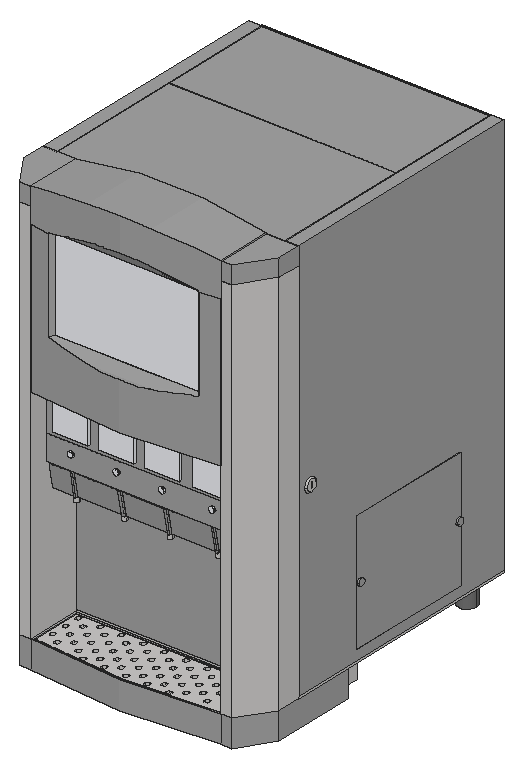
Revit family "QF_ELECTROLUXPROFESSIONAL_560029_FJUICE", category Specialty Equipment, Revit 2018
Family settings
  Round Connector Dimension = Use Diameter
  Part Type = Normal
  Work Plane-Based = No
  Always vertical = Yes
  Cut with Voids When Loaded = No
  Shared = No
  Room Calculation Point = No
Parameters (values of type "QF_ELECTROLUX_560029_FJUICE.rfa")
  Weight = 50.00 kg
  Watts = 0 W
  Volts = 230 V
  URL Manufacturer = "http://professional.electrolux.com"
  URL = "http://professional.electrolux.com"
  Steam Supply Size = 0 mm
  Steam Supply Minimum Pressure = 0.0 Pa
  Steam Supply Maximum Pressure = 0.0 Pa
  Steam Pounds per Hour = 0
  Refrigeration Suction Line Size = 0 mm
  Refrigeration Liquid Line Size = 0 mm
  Refrigerant Compressor Remote = yes
  Manufacturer = "Electrolux"
  Phase = 1
  Model = "FJUICE"
  Length Actual = 475 mm  # constant formula
  Item Number = "560029"
  Hot Water Size = 0 mm
  Height Actual = 820 mm  # constant formula
  HP = "0.4 HP"
  Gas Size = 0 mm
  Gas KW = 0
  Gas Input Pressure = 0 W
  Direct Waste Size = 0 mm
  Description = "LIQUID CONCENTRATE DISPENSER"
  Depth Actual = 600 mm  # constant formula
  Cycle = 50 Hz
  Condensate Return Size = 0 mm
  Compressed Air Volume = 0.0 L/s
  Compressed Air Size = 0 mm
  Compressed Air Pressure = 0.0 Pa
  Cold Water Size = 0 mm
  Accessory = yes
Reference planes
  plane 1 "Center (Front/Back)": y = 0
  plane 2: z = 0
  plane 3 "Center (Left/Right)": x = 0
  plane 4 "BASE": z = 51
  plane 5 "TOP": z = 826
  plane 6 "FRONT": y = -299
  plane 7 "BACK": y = 299
  plane 8 "LEFT": x = -237.5
  plane 9 "RIGHT": x = 237.5
  plane 10: z = 806
Forms (mm)
  Extrusion 1, solid, material "QF_Finishes_Stainless Steel"
    sketch origin (0, 0, 51) x (-1, 0, 0) y (0, -1, 0)
      loop
        line (237.5, -299) -> (237.5, 179) -> (-237.5, 179) -> (-237.5, -299) -> (237.5, -299)
    from 0 to 3
  Extrusion 2, solid, material "QF_Finishes_Rubber Black"
    sketch origin (20.5, 0, 51) x (-1, 0, 0) y (0, -1, 0)
      loop
        circle (216.5, -266) r 17
    from 0 to -51
  Extrusion 3, solid, material "QF_Finishes_Rubber Black"
    sketch origin (-20.5, 0, 51) x (1, 0, 0) y (0, 1, 0)
      loop
        circle (216.5, 266) r 17
    from 0 to -51
  Extrusion 4, solid, material "QF_Finishes_Stainless Steel"
    sketch origin (0, 0, 51) x (-1, 0, 0) y (0, -1, 0)
      loop
        line (-215, 15) -> (215, 15) -> (215, 40)
        arc (215, 40) -> (207.678, 57.678) -> (190, 65) r 25
        line (190, 65) -> (-190, 65)
        arc (-190, 65) -> (-207.678, 57.678) -> (-215, 40) r 25
        line (-215, 40) -> (-215, 15)
    from -48 to 0
  Extrusion 5, solid, material "QF_Finishes_Rubber Black"
    sketch origin (0, 0, 51) x (-1, 0, 0) y (0, -1, 0)
      loop
        circle (190, 40) r 15
      loop
        circle (-190, 40) r 15
    from -51 to -48
  Extrusion 6, solid, material "QF_Finishes_Gray"
    sketch origin (0, -299, 0) x (-1, 0, 0) y (0, 0, 1)
      loop
        arc (177.5, 806.558) -> (0, 826) -> (-177.5, 806.558) r 820
        line (-177.5, 806.558) -> (-177.5, 463.74) -> (177.5, 463.74) -> (177.5, 806.558)
    from 120 to 0
  Extrusion 7, solid, material "QF_Finishes_Stainless Steel"
    sketch origin (0, 0, 51) x (-1, 0, 0) y (0, -1, 0)
      loop
        line (177.5, 179) -> (237.5, 179) -> (237.5, 224) -> (197.5, 284) -> (177.5, 284) -> (177.5, 179)
      loop
        line (-177.5, 179) -> (-177.5, 284) -> (-197.5, 284) -> (-237.5, 224) -> (-237.5, 179) -> (-177.5, 179)
    from 0 to 722.667
  Extrusion 8, solid, material "QF_Finishes_Gray"
    sketch origin (0, 0, 51) x (-1, 0, 0) y (0, -1, 0)
      loop
        line (237.5, 65) -> (237.5, 224) -> (197.5, 284) -> (177.5, 284)
        arc (177.5, 284) -> (0, 299) -> (-177.5, 284) r 1057.708
        line (-177.5, 284) -> (-197.5, 284) -> (-237.5, 224) -> (-237.5, 65) -> (237.5, 65)
    from 0 to -51
  Extrusion 9, solid, material "QF_Finishes_Gray"
    sketch origin (0, 0, 51) x (-1, 0, 0) y (0, -1, 0)
      loop
        line (237.5, 179) -> (212.5, 179) -> (212.5, -299) -> (237.5, -299) -> (237.5, 179)
      loop
        line (-237.5, 179) -> (-237.5, -299) -> (-212.5, -299) -> (-212.5, 179) -> (-237.5, 179)
    from 0 to 755
  Extrusion 10, solid, material "QF_Finishes_Gray"
    sketch origin (0, 0, 51) x (-1, 0, 0) y (0, -1, 0)
      loop
        line (212.5, 179) -> (-212.5, 179) -> (-212.5, -81.026) -> (212.5, -81.026) -> (212.5, 179)
    from 0 to 755
  Extrusion 11, solid, material "QF_Finishes_Gray"
    sketch origin (0, 0, 51) x (-1, 0, 0) y (0, -1, 0)
      loop
        line (212.5, -81.026) -> (-212.5, -81.026) -> (-212.5, -297.4) -> (212.5, -297.4) -> (212.5, -81.026)
    from 0 to 755
  Blend 12, void
    base sketch origin (0, -299, 0) x (-1, 0, 0) y (0, 0, 1)
      loop
        arc (150.321, 747.553) -> (0, 763.699) -> (-150.321, 747.553) r 707.814
        line (-150.321, 747.553) -> (-150.321, 567.553)
        arc (-150.321, 567.553) -> (0, 551.407) -> (150.321, 567.553) r 707.814
        line (150.321, 567.553) -> (150.321, 747.553)
    top sketch origin (0, -299, 0) x (-1, 0, 0) y (0, 0, 1)
      loop
        line (133.241, 743.378) -> (-133.241, 743.378) -> (-133.241, 573.378) -> (133.241, 573.378) -> (133.241, 743.378)
    from 0 to 15
  Extrusion 13, void
    sketch origin (0, 0, 51) x (-1, 0, 0) y (0, -1, 0)
      loop
        line (197.5, 284) -> (197.5, 304) -> (-197.5, 304) -> (-197.5, 284) -> (-177.5, 284)
        arc (-177.5, 284) -> (0, 299) -> (177.5, 284) r 1057.708
        line (177.5, 284) -> (197.5, 284)
    from 412.74 to 692.378
  Extrusion 14, void
    sketch origin (0, 0, 51) x (-1, 0, 0) y (0, -1, 0)
      loop
        line (197.5, 284) -> (197.5, 304) -> (-197.5, 304) -> (-197.5, 284) -> (-177.5, 284)
        arc (-177.5, 284) -> (0, 299) -> (177.5, 284) r 1057.708
        line (177.5, 284) -> (197.5, 284)
    from 692.378 to 778.831
  Extrusion 15, solid, material "QF_Finishes_Gray"
    sketch origin (0, 0, 51) x (-1, 0, 0) y (0, -1, 0)
      loop
        line (177.5, 179) -> (237.5, 179) -> (237.5, 224) -> (197.5, 284) -> (177.5, 284) -> (177.5, 179)
      loop
        line (-177.5, 179) -> (-177.5, 284) -> (-197.5, 284) -> (-237.5, 224) -> (-237.5, 179) -> (-177.5, 179)
    from 722.667 to 755
  Extrusion 16, solid, material "QF_Finishes_White"
    sketch origin (0, -299, 0) x (-1, 0, 0) y (0, 0, 1)
      loop
        line (160, 463.74) -> (95, 463.74) -> (95, 388.74) -> (160, 388.74) -> (160, 463.74)
      loop
        line (75, 463.74) -> (10, 463.74) -> (10, 388.74) -> (75, 388.74) -> (75, 463.74)
      loop
        line (-165, 463.74) -> (-165, 388.74) -> (-100, 388.74) -> (-100, 463.74) -> (-165, 463.74)
      loop
        line (-75, 463.74) -> (-75, 388.74) -> (-10, 388.74) -> (-10, 463.74) -> (-75, 463.74)
    from 46.042 to 50.196
  Extrusion 17, solid, material "QF_Finishes_Gray"
    sketch origin (0, -299, 0) x (-1, 0, 0) y (0, 0, 1)
      loop
        line (177.5, 379.969) -> (-177.5, 379.969) -> (-177.5, 332.289) -> (177.5, 332.289) -> (177.5, 379.969)
    from 50.196 to 75
  Extrusion 18, solid, material "QF_Finishes_Gray"
    sketch origin (0, -299, 0) x (-1, 0, 0) y (0, 0, 1)
      loop
        line (177.5, 463.74) -> (-177.5, 463.74) -> (-177.5, 379.969) -> (177.5, 379.969) -> (177.5, 463.74)
    from 50.196 to 75
  Extrusion 19, solid, material "QF_Finishes_Gray"
    sketch origin (0, 0, 0) x (0, 1, 0) y (0, 0, 1)
      loop
        line (-246.08, 327.107) -> (-237.368, 282.289) -> (-231.177, 282.289) -> (-239.889, 327.107) -> (-246.08, 327.107)
    from -177.5 to 177.5
  Extrusion 20, void
    sketch origin (0, 0, 0) x (0, 1, 0) y (0, 0, 1)
      loop
        line (-246.08, 327.107) -> (-237.368, 282.289) -> (-234.273, 282.289) -> (-242.984, 327.107) -> (-246.08, 327.107)
    from -177.5 to -133.5
  Extrusion 21, void
    sketch origin (0, 0, 0) x (0, 1, 0) y (0, 0, 1)
      loop
        line (-246.08, 327.107) -> (-237.368, 282.289) -> (-234.273, 282.289) -> (-242.984, 327.107) -> (-246.08, 327.107)
    from -130 to -45
  Extrusion 22, void
    sketch origin (0, 0, 0) x (0, 1, 0) y (0, 0, 1)
      loop
        line (-246.08, 327.107) -> (-237.368, 282.289) -> (-234.273, 282.289) -> (-242.984, 327.107) -> (-246.08, 327.107)
    from -40 to 40
  Extrusion 23, void
    sketch origin (0, 0, 0) x (0, 1, 0) y (0, 0, -1)
      loop
        line (-246.08, -327.107) -> (-242.984, -327.107) -> (-234.273, -282.289) -> (-237.368, -282.289) -> (-246.08, -327.107)
    from -177.5 to -133.5
  Extrusion 24, void
    sketch origin (0, 0, 0) x (0, 1, 0) y (0, 0, -1)
      loop
        line (-246.08, -327.107) -> (-242.984, -327.107) -> (-234.273, -282.289) -> (-237.368, -282.289) -> (-246.08, -327.107)
    from -130 to -45
  Extrusion 25, solid, material "QF_Finishes_Stainless Steel"
    sketch origin (0, 8.712, 51) x (-1, 0, 0) y (0, -1, 0)
      loop
        circle (131.75, 241.724) r 4.356
      loop
        circle (42.5, 241.724) r 4.356
      loop
        circle (-42.5, 241.724) r 4.356
      loop
        circle (-131.75, 241.724) r 4.356
    from 223.9 to 231.289
  Extrusion 26, solid, material "QF_Finishes_White"
    sketch origin (0, -299, 0) x (-1, 0, 0) y (0, 0, 1)
      loop
        circle (130, 360.84) r 5
      loop
        circle (45, 360.84) r 5
      loop
        circle (-40, 360.84) r 5
      loop
        circle (-133.5, 360.84) r 5
    from 48 to 50.196
  Extrusion 27, void
    sketch origin (0, 0, 51) x (-1, 0, 0) y (0, -1, 0)
      loop
        arc (172.5, 279.771) -> (0, 294) -> (-172.5, 279.771) r 1052.708
        line (-172.5, 279.771) -> (-172.5, 184) -> (172.5, 184) -> (172.5, 279.771)
    from -37.34 to 6.091
  Extrusion 28, solid, material "QF_Finishes_Stainless Steel"
    sketch origin (0, 0, 51) x (-1, 0, 0) y (0, -1, 0)
      loop
        line (-172.5, 184) -> (172.5, 184) -> (172.5, 279.771)
        arc (172.5, 279.771) -> (0, 294) -> (-172.5, 279.771) r 1052.708
        line (-172.5, 279.771) -> (-172.5, 184)
    from 0 to -6.446
  Extrusion 29, solid, material "QF_Finishes_White"
    sketch origin (0, 0, 51) x (1, 0, 0) y (0, 1, 0)
      loop
        circle (-114.17, 0) r 12.35
    from 0 to -8.697
  Extrusion 30, solid, material "QF_Finishes_White"
    sketch origin (0, 0, 51) x (1, 0, 0) y (0, 1, 0)
      loop
        circle (-201.135, 230.454) r 12.35
    from 0 to -6.446
  Extrusion 31, void
    sketch origin (0, 0, 51) x (-1, 0, 0) y (0, -1, 0)
      loop
        circle (0, 193.846) r 5
      loop
        circle (0, 223.846) r 5
      loop
        circle (0, 253.846) r 5
      loop
        circle (0, 283.846) r 5
      loop
        circle (20, 208.846) r 5
      loop
        circle (20, 238.846) r 5
      loop
        circle (20, 268.846) r 5
      loop
        circle (40, 193.846) r 5
      loop
        circle (40, 223.846) r 5
      loop
        circle (40, 253.846) r 5
      loop
        circle (40, 283.846) r 5
      loop
        circle (60, 208.846) r 5
      loop
        circle (60, 238.846) r 5
      loop
        circle (60, 268.846) r 5
      loop
        circle (80, 193.846) r 5
      loop
        circle (80, 223.846) r 5
      loop
        circle (80, 253.846) r 5
      loop
        circle (80, 283.846) r 5
      loop
        circle (100, 208.846) r 5
      loop
        circle (100, 238.846) r 5
      loop
        circle (100, 268.846) r 5
      loop
        circle (120, 193.846) r 5
      loop
        circle (120, 223.846) r 5
      loop
        circle (120, 253.846) r 5
      loop
        circle (140, 208.846) r 5
      loop
        circle (140, 238.846) r 5
      loop
        circle (140, 268.846) r 5
      loop
        circle (160, 193.846) r 5
      loop
        circle (160, 223.846) r 5
      loop
        circle (160, 253.846) r 5
      loop
        circle (-20, 208.846) r 5
      loop
        circle (-20, 238.846) r 5
      loop
        circle (-20, 268.846) r 5
      loop
        circle (-40, 193.846) r 5
      loop
        circle (-40, 223.846) r 5
      loop
        circle (-40, 253.846) r 5
      loop
        circle (-40, 283.846) r 5
      loop
        circle (-60, 208.846) r 5
      loop
        circle (-60, 238.846) r 5
      loop
        circle (-60, 268.846) r 5
      loop
        circle (-80, 193.846) r 5
      loop
        circle (-80, 223.846) r 5
      loop
        circle (-80, 253.846) r 5
      loop
        circle (-80, 283.846) r 5
      loop
        circle (-100, 208.846) r 5
      loop
        circle (-100, 238.846) r 5
      loop
        circle (-100, 268.846) r 5
      loop
        circle (-120, 193.846) r 5
      loop
        circle (-120, 223.846) r 5
      loop
        circle (-120, 253.846) r 5
      loop
        circle (-140, 208.846) r 5
      loop
        circle (-140, 238.846) r 5
      loop
        circle (-140, 268.846) r 5
      loop
        circle (-160, 193.846) r 5
      loop
        circle (-160, 223.846) r 5
      loop
        circle (-160, 253.846) r 5
    from 9.385 to -11.176
  Extrusion 32, void
    sketch origin (237.5, 0, -51) x (0, -1, 0) y (0, 0, 1)
      loop
        line (45.034, 348.252) -> (-199.966, 348.252) -> (-199.966, 123.252) -> (45.034, 123.252) -> (45.034, 348.252)
      loop
        line (43.434, 346.652) -> (-198.366, 346.652) -> (-198.366, 124.852) -> (43.434, 124.852) -> (43.434, 346.652)
    from -6.226 to 8.2
  Extrusion 33, solid, material "QF_Finishes_Gray"
    sketch origin (237.5, 0, -51) x (0, -1, 0) y (0, 0, 1)
      loop
        circle (-192.465, 235.752) r 6
      loop
        circle (37.534, 235.752) r 6
    from 0 to -5
  Blend 34, solid, material "QF_Finishes_Stainless Steel"
    base sketch origin (237.5, 0, 0) x (0, -1, 0) y (0, 0, 1)
      loop
        circle (152.889, 397.101) r 13.016
    top sketch origin (237.5, 0, 0) x (0, -1, 0) y (0, 0, 1)
      loop
        circle (152.889, 397.101) r 10
    from 0 to -4.011
  Extrusion 35, void
    sketch origin (237.5, 0, 0) x (0, -1, 0) y (0, 0, 1)
      loop
        line (154.889, 402.787) -> (150.889, 402.787) -> (150.889, 391.193) -> (154.889, 391.193) -> (154.889, 402.787)
    from -2.2 to -4.011
  Extrusion 36, solid, material "QF_Finishes_Gray"
    sketch origin (-237.5, 0, 0) x (0, 1, 0) y (0, 0, 1)
      loop
        circle (170.375, 686.024) r 22.027
      loop
        circle (170.375, 686.024) r 17.998
    from 0 to -5
  Extrusion 37, solid, material "QF_Finishes_Stainless Steel"
    sketch origin (-237.5, 0, 0) x (0, 1, 0) y (0, 0, 1)
      loop
        line (192.276, 765.934) -> (142.276, 765.934) -> (142.276, 735.934) -> (192.276, 735.934) -> (192.276, 765.934)
    from 0 to -5
  Extrusion 38, solid, material "QF_Finishes_White"
    sketch origin (-237.5, 0, 0) x (0, 1, 0) y (0, 0, 1)
      loop
        circle (170.375, 686.024) r 17.998
    from -3 to 0
  Extrusion 39, solid, material "QF_Finishes_Gray"
    sketch origin (0, 0, 0) x (1, 0, 0) y (0, 0, 1)
      loop
        circle (0, 18.968) r 15.968
      loop
        circle (0, 18.968) r 10
    from 11.935 to 15
  Extrusion 40, solid, material "QF_Finishes_Gray"
    sketch origin (0, 0, 51) x (-1, 0, 0) y (0, -1, 0)
      loop
        line (212.5, -299) -> (212.5, -297.4) -> (-212.5, -297.4) -> (-212.5, -299) -> (212.5, -299)
    from 0 to 755.558
Cuts and joins
  Blend 12, Extrusion 13, Extrusion 14, Extrusion 27 cuts Extrusion 6
  Extrusion 13, Extrusion 14, Extrusion 20, Extrusion 21, Extrusion 23 cuts Extrusion 7
  Extrusion 20, Extrusion 27, Extrusion 31 cuts Extrusion 17
  Extrusion 20, Extrusion 21, Extrusion 22, Extrusion 23, Extrusion 24, Extrusion 27, Extrusion 31 cuts Extrusion 19
  Extrusion 27 cuts Extrusion 8
  Extrusion 27 cuts Extrusion 16
  Extrusion 27, Extrusion 31 cuts Extrusion 18
  Extrusion 27 cuts Extrusion 25
  Extrusion 27 cuts Extrusion 26
  Extrusion 31 cuts Extrusion 28
  Extrusion 32, Extrusion 35 cuts Extrusion 9
  Extrusion 32 cuts Extrusion 10
  Extrusion 32 cuts Extrusion 11
  Extrusion 35 cuts Blend 34
Lines and regions (mm)
  Split face 1
    outline origin (-237.5, -179, 51) x (0, 1, 0) y (0, 0, -1)
      loop
        line (447.915, -247.198) -> (372.915, -247.198) -> (375.415, -252.198) -> (445.415, -252.198) -> (447.915, -247.198)
  Split face 2
    outline origin (-237.5, -269, 51) x (0, 1, 0) y (0, 0, -1)
      loop
        line (447.915, -247.198) -> (372.915, -247.198) -> (375.415, -252.198) -> (445.415, -252.198) -> (447.915, -247.198)
  Split face 3
    outline origin (-237.5, -359, 51) x (0, 1, 0) y (0, 0, -1)
      loop
        line (447.915, -247.198) -> (372.915, -247.198) -> (375.415, -252.198) -> (445.415, -252.198) -> (447.915, -247.198)
  Split face 4
    outline origin (-237.5, -179, 41) x (0, 1, 0) y (0, 0, -1)
      loop
        line (447.915, -247.198) -> (372.915, -247.198) -> (375.415, -252.198) -> (445.415, -252.198) -> (447.915, -247.198)
  Split face 5
    outline origin (-237.5, -269, 41) x (0, 1, 0) y (0, 0, -1)
      loop
        line (447.915, -247.198) -> (372.915, -247.198) -> (375.415, -252.198) -> (445.415, -252.198) -> (447.915, -247.198)
  Split face 6
    outline origin (-237.5, -359, 41) x (0, 1, 0) y (0, 0, -1)
      loop
        line (447.915, -247.198) -> (372.915, -247.198) -> (375.415, -252.198) -> (445.415, -252.198) -> (447.915, -247.198)
  Split face 7
    outline origin (-237.5, -179, 31) x (0, 1, 0) y (0, 0, -1)
      loop
        line (447.915, -247.198) -> (372.915, -247.198) -> (375.415, -252.198) -> (445.415, -252.198) -> (447.915, -247.198)
  Split face 8
    outline origin (-237.5, -269, 31) x (0, 1, 0) y (0, 0, -1)
      loop
        line (447.915, -247.198) -> (372.915, -247.198) -> (375.415, -252.198) -> (445.415, -252.198) -> (447.915, -247.198)
  Split face 9
    outline origin (-237.5, -359, 31) x (0, 1, 0) y (0, 0, -1)
      loop
        line (447.915, -247.198) -> (372.915, -247.198) -> (375.415, -252.198) -> (445.415, -252.198) -> (447.915, -247.198)
  Split face 10
    outline origin (-237.5, -179, 21) x (0, 1, 0) y (0, 0, -1)
      loop
        line (447.915, -247.198) -> (372.915, -247.198) -> (375.415, -252.198) -> (445.415, -252.198) -> (447.915, -247.198)
  Split face 11
    outline origin (-237.5, -269, 21) x (0, 1, 0) y (0, 0, -1)
      loop
        line (447.915, -247.198) -> (372.915, -247.198) -> (375.415, -252.198) -> (445.415, -252.198) -> (447.915, -247.198)
  Split face 12
    outline origin (-237.5, -359, 21) x (0, 1, 0) y (0, 0, -1)
      loop
        line (447.915, -247.198) -> (372.915, -247.198) -> (375.415, -252.198) -> (445.415, -252.198) -> (447.915, -247.198)
  Split face 13
    outline origin (-237.5, -179, 11) x (0, 1, 0) y (0, 0, -1)
      loop
        line (447.915, -247.198) -> (372.915, -247.198) -> (375.415, -252.198) -> (445.415, -252.198) -> (447.915, -247.198)
  Split face 14
    outline origin (-237.5, -269, 11) x (0, 1, 0) y (0, 0, -1)
      loop
        line (447.915, -247.198) -> (372.915, -247.198) -> (375.415, -252.198) -> (445.415, -252.198) -> (447.915, -247.198)
  Split face 15
    outline origin (-237.5, -359, 11) x (0, 1, 0) y (0, 0, -1)
      loop
        line (447.915, -247.198) -> (372.915, -247.198) -> (375.415, -252.198) -> (445.415, -252.198) -> (447.915, -247.198)
  Split face 16
    outline origin (-237.5, -179, 1) x (0, 1, 0) y (0, 0, -1)
      loop
        line (447.915, -247.198) -> (372.915, -247.198) -> (375.415, -252.198) -> (445.415, -252.198) -> (447.915, -247.198)
  Split face 17
    outline origin (-237.5, -269, 1) x (0, 1, 0) y (0, 0, -1)
      loop
        line (447.915, -247.198) -> (372.915, -247.198) -> (375.415, -252.198) -> (445.415, -252.198) -> (447.915, -247.198)
  Split face 18
    outline origin (-237.5, -359, 1) x (0, 1, 0) y (0, 0, -1)
      loop
        line (447.915, -247.198) -> (372.915, -247.198) -> (375.415, -252.198) -> (445.415, -252.198) -> (447.915, -247.198)
  Split face 19
    outline origin (-237.5, -179, -9) x (0, 1, 0) y (0, 0, -1)
      loop
        line (447.915, -247.198) -> (372.915, -247.198) -> (375.415, -252.198) -> (445.415, -252.198) -> (447.915, -247.198)
  Split face 20
    outline origin (-237.5, -269, -9) x (0, 1, 0) y (0, 0, -1)
      loop
        line (447.915, -247.198) -> (372.915, -247.198) -> (375.415, -252.198) -> (445.415, -252.198) -> (447.915, -247.198)
  Split face 21
    outline origin (-237.5, -359, -9) x (0, 1, 0) y (0, 0, -1)
      loop
        line (447.915, -247.198) -> (372.915, -247.198) -> (375.415, -252.198) -> (445.415, -252.198) -> (447.915, -247.198)
  Split face 22
    outline origin (-237.5, -179, -19) x (0, 1, 0) y (0, 0, -1)
      loop
        line (447.915, -247.198) -> (372.915, -247.198) -> (375.415, -252.198) -> (445.415, -252.198) -> (447.915, -247.198)
  Split face 23
    outline origin (-237.5, -269, -19) x (0, 1, 0) y (0, 0, -1)
      loop
        line (447.915, -247.198) -> (372.915, -247.198) -> (375.415, -252.198) -> (445.415, -252.198) -> (447.915, -247.198)
  Split face 24
    outline origin (-237.5, -359, -19) x (0, 1, 0) y (0, 0, -1)
      loop
        line (447.915, -247.198) -> (372.915, -247.198) -> (375.415, -252.198) -> (445.415, -252.198) -> (447.915, -247.198)
  Split face 25
    outline origin (-237.5, -179, -29) x (0, 1, 0) y (0, 0, -1)
      loop
        line (447.915, -247.198) -> (372.915, -247.198) -> (375.415, -252.198) -> (445.415, -252.198) -> (447.915, -247.198)
  Split face 26
    outline origin (-237.5, -269, -29) x (0, 1, 0) y (0, 0, -1)
      loop
        line (447.915, -247.198) -> (372.915, -247.198) -> (375.415, -252.198) -> (445.415, -252.198) -> (447.915, -247.198)
  Split face 27
    outline origin (-237.5, -359, -29) x (0, 1, 0) y (0, 0, -1)
      loop
        line (447.915, -247.198) -> (372.915, -247.198) -> (375.415, -252.198) -> (445.415, -252.198) -> (447.915, -247.198)
  Split face 28
    outline origin (-237.5, -179, -39) x (0, 1, 0) y (0, 0, -1)
      loop
        line (447.915, -247.198) -> (372.915, -247.198) -> (375.415, -252.198) -> (445.415, -252.198) -> (447.915, -247.198)
  Split face 29
    outline origin (-237.5, -269, -39) x (0, 1, 0) y (0, 0, -1)
      loop
        line (447.915, -247.198) -> (372.915, -247.198) -> (375.415, -252.198) -> (445.415, -252.198) -> (447.915, -247.198)
  Split face 30
    outline origin (-237.5, -359, -39) x (0, 1, 0) y (0, 0, -1)
      loop
        line (447.915, -247.198) -> (372.915, -247.198) -> (375.415, -252.198) -> (445.415, -252.198) -> (447.915, -247.198)
  Split face 31
    outline origin (-237.5, -179, -49) x (0, 1, 0) y (0, 0, -1)
      loop
        line (447.915, -247.198) -> (372.915, -247.198) -> (375.415, -252.198) -> (445.415, -252.198) -> (447.915, -247.198)
  Split face 32
    outline origin (-237.5, -269, -49) x (0, 1, 0) y (0, 0, -1)
      loop
        line (447.915, -247.198) -> (372.915, -247.198) -> (375.415, -252.198) -> (445.415, -252.198) -> (447.915, -247.198)
  Split face 33
    outline origin (-237.5, -359, -49) x (0, 1, 0) y (0, 0, -1)
      loop
        line (447.915, -247.198) -> (372.915, -247.198) -> (375.415, -252.198) -> (445.415, -252.198) -> (447.915, -247.198)
  Split face 34
    outline origin (-237.5, -179, -59) x (0, 1, 0) y (0, 0, -1)
      loop
        line (447.915, -247.198) -> (372.915, -247.198) -> (375.415, -252.198) -> (445.415, -252.198) -> (447.915, -247.198)
  Split face 35
    outline origin (-237.5, -269, -59) x (0, 1, 0) y (0, 0, -1)
      loop
        line (447.915, -247.198) -> (372.915, -247.198) -> (375.415, -252.198) -> (445.415, -252.198) -> (447.915, -247.198)
  Split face 36
    outline origin (-237.5, -359, -59) x (0, 1, 0) y (0, 0, -1)
      loop
        line (447.915, -247.198) -> (372.915, -247.198) -> (375.415, -252.198) -> (445.415, -252.198) -> (447.915, -247.198)
  Split face 37
    outline origin (-237.5, -179, -69) x (0, 1, 0) y (0, 0, -1)
      loop
        line (447.915, -247.198) -> (372.915, -247.198) -> (375.415, -252.198) -> (445.415, -252.198) -> (447.915, -247.198)
  Split face 38
    outline origin (-237.5, -269, -69) x (0, 1, 0) y (0, 0, -1)
      loop
        line (447.915, -247.198) -> (372.915, -247.198) -> (375.415, -252.198) -> (445.415, -252.198) -> (447.915, -247.198)
  Split face 39
    outline origin (-237.5, -359, -69) x (0, 1, 0) y (0, 0, -1)
      loop
        line (447.915, -247.198) -> (372.915, -247.198) -> (375.415, -252.198) -> (445.415, -252.198) -> (447.915, -247.198)
  Split face 40
    outline origin (-237.5, -179, -79) x (0, 1, 0) y (0, 0, -1)
      loop
        line (447.915, -247.198) -> (372.915, -247.198) -> (375.415, -252.198) -> (445.415, -252.198) -> (447.915, -247.198)
  Split face 41
    outline origin (-237.5, -269, -79) x (0, 1, 0) y (0, 0, -1)
      loop
        line (447.915, -247.198) -> (372.915, -247.198) -> (375.415, -252.198) -> (445.415, -252.198) -> (447.915, -247.198)
  Split face 42
    outline origin (-237.5, -359, -79) x (0, 1, 0) y (0, 0, -1)
      loop
        line (447.915, -247.198) -> (372.915, -247.198) -> (375.415, -252.198) -> (445.415, -252.198) -> (447.915, -247.198)
  Split face 43
    outline origin (-237.5, -179, -89) x (0, 1, 0) y (0, 0, -1)
      loop
        line (447.915, -247.198) -> (372.915, -247.198) -> (375.415, -252.198) -> (445.415, -252.198) -> (447.915, -247.198)
  Split face 44
    outline origin (-237.5, -269, -89) x (0, 1, 0) y (0, 0, -1)
      loop
        line (447.915, -247.198) -> (372.915, -247.198) -> (375.415, -252.198) -> (445.415, -252.198) -> (447.915, -247.198)
  Split face 45
    outline origin (-237.5, -359, -89) x (0, 1, 0) y (0, 0, -1)
      loop
        line (447.915, -247.198) -> (372.915, -247.198) -> (375.415, -252.198) -> (445.415, -252.198) -> (447.915, -247.198)
  Split face 46
    outline origin (-237.5, -179, -99) x (0, 1, 0) y (0, 0, -1)
      loop
        line (447.915, -247.198) -> (372.915, -247.198) -> (375.415, -252.198) -> (445.415, -252.198) -> (447.915, -247.198)
  Split face 47
    outline origin (-237.5, -269, -99) x (0, 1, 0) y (0, 0, -1)
      loop
        line (447.915, -247.198) -> (372.915, -247.198) -> (375.415, -252.198) -> (445.415, -252.198) -> (447.915, -247.198)
  Split face 48
    outline origin (-237.5, -359, -99) x (0, 1, 0) y (0, 0, -1)
      loop
        line (447.915, -247.198) -> (372.915, -247.198) -> (375.415, -252.198) -> (445.415, -252.198) -> (447.915, -247.198)
  Split face 49
    outline origin (-237.5, -179, -109) x (0, 1, 0) y (0, 0, -1)
      loop
        line (447.915, -247.198) -> (372.915, -247.198) -> (375.415, -252.198) -> (445.415, -252.198) -> (447.915, -247.198)
  Split face 50
    outline origin (-237.5, -269, -109) x (0, 1, 0) y (0, 0, -1)
      loop
        line (447.915, -247.198) -> (372.915, -247.198) -> (375.415, -252.198) -> (445.415, -252.198) -> (447.915, -247.198)
  Split face 51
    outline origin (-237.5, -359, -109) x (0, 1, 0) y (0, 0, -1)
      loop
        line (447.915, -247.198) -> (372.915, -247.198) -> (375.415, -252.198) -> (445.415, -252.198) -> (447.915, -247.198)
  Split face 52
    outline origin (-237.5, -179, -119) x (0, 1, 0) y (0, 0, -1)
      loop
        line (447.915, -247.198) -> (372.915, -247.198) -> (375.415, -252.198) -> (445.415, -252.198) -> (447.915, -247.198)
  Split face 53
    outline origin (-237.5, -269, -119) x (0, 1, 0) y (0, 0, -1)
      loop
        line (447.915, -247.198) -> (372.915, -247.198) -> (375.415, -252.198) -> (445.415, -252.198) -> (447.915, -247.198)
  Split face 54
    outline origin (-237.5, -359, -119) x (0, 1, 0) y (0, 0, -1)
      loop
        line (447.915, -247.198) -> (372.915, -247.198) -> (375.415, -252.198) -> (445.415, -252.198) -> (447.915, -247.198)
  Split face 55
    outline origin (-237.5, -179, -129) x (0, 1, 0) y (0, 0, -1)
      loop
        line (447.915, -247.198) -> (372.915, -247.198) -> (375.415, -252.198) -> (445.415, -252.198) -> (447.915, -247.198)
  Split face 56
    outline origin (-237.5, -269, -129) x (0, 1, 0) y (0, 0, -1)
      loop
        line (447.915, -247.198) -> (372.915, -247.198) -> (375.415, -252.198) -> (445.415, -252.198) -> (447.915, -247.198)
  Split face 57
    outline origin (-237.5, -359, -129) x (0, 1, 0) y (0, 0, -1)
      loop
        line (447.915, -247.198) -> (372.915, -247.198) -> (375.415, -252.198) -> (445.415, -252.198) -> (447.915, -247.198)
  Split face 58
    outline origin (-237.5, -179, -139) x (0, 1, 0) y (0, 0, -1)
      loop
        line (447.915, -247.198) -> (372.915, -247.198) -> (375.415, -252.198) -> (445.415, -252.198) -> (447.915, -247.198)
  Split face 59
    outline origin (-237.5, -269, -139) x (0, 1, 0) y (0, 0, -1)
      loop
        line (447.915, -247.198) -> (372.915, -247.198) -> (375.415, -252.198) -> (445.415, -252.198) -> (447.915, -247.198)
  Split face 60
    outline origin (-237.5, -359, -139) x (0, 1, 0) y (0, 0, -1)
      loop
        line (447.915, -247.198) -> (372.915, -247.198) -> (375.415, -252.198) -> (445.415, -252.198) -> (447.915, -247.198)
  Split face 61
    outline origin (-237.5, -179, -149) x (0, 1, 0) y (0, 0, -1)
      loop
        line (447.915, -247.198) -> (372.915, -247.198) -> (375.415, -252.198) -> (445.415, -252.198) -> (447.915, -247.198)
  Split face 62
    outline origin (-237.5, -269, -149) x (0, 1, 0) y (0, 0, -1)
      loop
        line (447.915, -247.198) -> (372.915, -247.198) -> (375.415, -252.198) -> (445.415, -252.198) -> (447.915, -247.198)
  Split face 63
    outline origin (-237.5, -359, -149) x (0, 1, 0) y (0, 0, -1)
      loop
        line (447.915, -247.198) -> (372.915, -247.198) -> (375.415, -252.198) -> (445.415, -252.198) -> (447.915, -247.198)
  Split face 64
    outline origin (-237.5, -179, -159) x (0, 1, 0) y (0, 0, -1)
      loop
        line (447.915, -247.198) -> (372.915, -247.198) -> (375.415, -252.198) -> (445.415, -252.198) -> (447.915, -247.198)
  Split face 65
    outline origin (-237.5, -269, -159) x (0, 1, 0) y (0, 0, -1)
      loop
        line (447.915, -247.198) -> (372.915, -247.198) -> (375.415, -252.198) -> (445.415, -252.198) -> (447.915, -247.198)
  Split face 66
    outline origin (-237.5, -359, -159) x (0, 1, 0) y (0, 0, -1)
      loop
        line (447.915, -247.198) -> (372.915, -247.198) -> (375.415, -252.198) -> (445.415, -252.198) -> (447.915, -247.198)
  Split face 67
    outline origin (-237.5, -179, -169) x (0, 1, 0) y (0, 0, -1)
      loop
        line (447.915, -247.198) -> (372.915, -247.198) -> (375.415, -252.198) -> (445.415, -252.198) -> (447.915, -247.198)
  Split face 68
    outline origin (-237.5, -269, -169) x (0, 1, 0) y (0, 0, -1)
      loop
        line (447.915, -247.198) -> (372.915, -247.198) -> (375.415, -252.198) -> (445.415, -252.198) -> (447.915, -247.198)
  Split face 69
    outline origin (-237.5, -359, -169) x (0, 1, 0) y (0, 0, -1)
      loop
        line (447.915, -247.198) -> (372.915, -247.198) -> (375.415, -252.198) -> (445.415, -252.198) -> (447.915, -247.198)
  Split face 70
    outline origin (237.5, 10, -51) x (0, -1, 0) y (0, 0, 1)
      loop
        line (30.137, 337.14) -> (23.898, 337.14) -> (23.898, 275.916) -> (30.137, 275.916) -> (30.137, 337.14)
  Split face 71
    outline origin (237.5, 20, -51) x (0, -1, 0) y (0, 0, 1)
      loop
        line (30.137, 337.14) -> (23.898, 337.14) -> (23.898, 275.916) -> (30.137, 275.916) -> (30.137, 337.14)
  Split face 72
    outline origin (237.5, 30, -51) x (0, -1, 0) y (0, 0, 1)
      loop
        line (30.137, 337.14) -> (23.898, 337.14) -> (23.898, 275.916) -> (30.137, 275.916) -> (30.137, 337.14)
  Split face 73
    outline origin (237.5, 40, -51) x (0, -1, 0) y (0, 0, 1)
      loop
        line (30.137, 337.14) -> (23.898, 337.14) -> (23.898, 275.916) -> (30.137, 275.916) -> (30.137, 337.14)
  Split face 74
    outline origin (237.5, 50, -51) x (0, -1, 0) y (0, 0, 1)
      loop
        line (30.137, 337.14) -> (23.898, 337.14) -> (23.898, 275.916) -> (30.137, 275.916) -> (30.137, 337.14)
  Split face 75
    outline origin (237.5, 60, -51) x (0, -1, 0) y (0, 0, 1)
      loop
        line (30.137, 337.14) -> (23.898, 337.14) -> (23.898, 275.916) -> (30.137, 275.916) -> (30.137, 337.14)
  Split face 76
    outline origin (237.5, 70, -51) x (0, -1, 0) y (0, 0, 1)
      loop
        line (30.137, 337.14) -> (23.898, 337.14) -> (23.898, 275.916) -> (30.137, 275.916) -> (30.137, 337.14)
  Split face 77
    outline origin (237.5, 80, -51) x (0, -1, 0) y (0, 0, 1)
      loop
        line (30.137, 337.14) -> (23.898, 337.14) -> (23.898, 275.916) -> (30.137, 275.916) -> (30.137, 337.14)
  Split face 78
    outline origin (237.5, 90, -51) x (0, -1, 0) y (0, 0, 1)
      loop
        line (30.137, 337.14) -> (23.898, 337.14) -> (23.898, 275.916) -> (30.137, 275.916) -> (30.137, 337.14)
  Split face 79
    outline origin (237.5, 100, -51) x (0, -1, 0) y (0, 0, 1)
      loop
        line (30.137, 337.14) -> (23.898, 337.14) -> (23.898, 275.916) -> (30.137, 275.916) -> (30.137, 337.14)
  Split face 80
    outline origin (237.5, 110, -51) x (0, -1, 0) y (0, 0, 1)
      loop
        line (30.137, 337.14) -> (23.898, 337.14) -> (23.898, 275.916) -> (30.137, 275.916) -> (30.137, 337.14)
  Split face 81
    outline origin (237.5, 120, -51) x (0, -1, 0) y (0, 0, 1)
      loop
        line (30.137, 337.14) -> (23.898, 337.14) -> (23.898, 275.916) -> (30.137, 275.916) -> (30.137, 337.14)
  Split face 82
    outline origin (237.5, 130, -51) x (0, -1, 0) y (0, 0, 1)
      loop
        line (30.137, 337.14) -> (23.898, 337.14) -> (23.898, 275.916) -> (30.137, 275.916) -> (30.137, 337.14)
  Split face 83
    outline origin (237.5, 140, -51) x (0, -1, 0) y (0, 0, 1)
      loop
        line (30.137, 337.14) -> (23.898, 337.14) -> (23.898, 275.916) -> (30.137, 275.916) -> (30.137, 337.14)
  Split face 84
    outline origin (237.5, 150, -51) x (0, -1, 0) y (0, 0, 1)
      loop
        line (30.137, 337.14) -> (23.898, 337.14) -> (23.898, 275.916) -> (30.137, 275.916) -> (30.137, 337.14)
  Split face 85
    outline origin (237.5, 160, -51) x (0, -1, 0) y (0, 0, 1)
      loop
        line (30.137, 337.14) -> (23.898, 337.14) -> (23.898, 275.916) -> (30.137, 275.916) -> (30.137, 337.14)
  Split face 86
    outline origin (237.5, 170, -51) x (0, -1, 0) y (0, 0, 1)
      loop
        line (30.137, 337.14) -> (23.898, 337.14) -> (23.898, 275.916) -> (30.137, 275.916) -> (30.137, 337.14)
  Split face 87
    outline origin (237.5, 180, -51) x (0, -1, 0) y (0, 0, 1)
      loop
        line (30.137, 337.14) -> (23.898, 337.14) -> (23.898, 275.916) -> (30.137, 275.916) -> (30.137, 337.14)
  Split face 88
    outline origin (237.5, 190, -51) x (0, -1, 0) y (0, 0, 1)
      loop
        line (30.137, 337.14) -> (23.898, 337.14) -> (23.898, 275.916) -> (30.137, 275.916) -> (30.137, 337.14)
  Split face 89
    outline origin (237.5, 200, -51) x (0, -1, 0) y (0, 0, 1)
      loop
        line (30.137, 337.14) -> (23.898, 337.14) -> (23.898, 275.916) -> (30.137, 275.916) -> (30.137, 337.14)
  Split face 90
    outline origin (237.5, 210, -51) x (0, -1, 0) y (0, 0, 1)
      loop
        line (30.137, 337.14) -> (23.898, 337.14) -> (23.898, 275.916) -> (30.137, 275.916) -> (30.137, 337.14)
  Split face 91
    outline origin (237.5, 0, -121) x (0, -1, 0) y (0, 0, 1)
      loop
        line (30.137, 337.14) -> (23.898, 337.14) -> (23.898, 275.916) -> (30.137, 275.916) -> (30.137, 337.14)
  Split face 92
    outline origin (237.5, 10, -121) x (0, -1, 0) y (0, 0, 1)
      loop
        line (30.137, 337.14) -> (23.898, 337.14) -> (23.898, 275.916) -> (30.137, 275.916) -> (30.137, 337.14)
  Split face 93
    outline origin (237.5, 20, -121) x (0, -1, 0) y (0, 0, 1)
      loop
        line (30.137, 337.14) -> (23.898, 337.14) -> (23.898, 275.916) -> (30.137, 275.916) -> (30.137, 337.14)
  Split face 94
    outline origin (237.5, 30, -121) x (0, -1, 0) y (0, 0, 1)
      loop
        line (30.137, 337.14) -> (23.898, 337.14) -> (23.898, 275.916) -> (30.137, 275.916) -> (30.137, 337.14)
  Split face 95
    outline origin (237.5, 40, -121) x (0, -1, 0) y (0, 0, 1)
      loop
        line (30.137, 337.14) -> (23.898, 337.14) -> (23.898, 275.916) -> (30.137, 275.916) -> (30.137, 337.14)
  Split face 96
    outline origin (237.5, 50, -121) x (0, -1, 0) y (0, 0, 1)
      loop
        line (30.137, 337.14) -> (23.898, 337.14) -> (23.898, 275.916) -> (30.137, 275.916) -> (30.137, 337.14)
  Split face 97
    outline origin (237.5, 60, -121) x (0, -1, 0) y (0, 0, 1)
      loop
        line (30.137, 337.14) -> (23.898, 337.14) -> (23.898, 275.916) -> (30.137, 275.916) -> (30.137, 337.14)
  Split face 98
    outline origin (237.5, 70, -121) x (0, -1, 0) y (0, 0, 1)
      loop
        line (30.137, 337.14) -> (23.898, 337.14) -> (23.898, 275.916) -> (30.137, 275.916) -> (30.137, 337.14)
  Split face 99
    outline origin (237.5, 80, -121) x (0, -1, 0) y (0, 0, 1)
      loop
        line (30.137, 337.14) -> (23.898, 337.14) -> (23.898, 275.916) -> (30.137, 275.916) -> (30.137, 337.14)
  Split face 100
    outline origin (237.5, 90, -121) x (0, -1, 0) y (0, 0, 1)
      loop
        line (30.137, 337.14) -> (23.898, 337.14) -> (23.898, 275.916) -> (30.137, 275.916) -> (30.137, 337.14)
  Split face 101
    outline origin (237.5, 100, -121) x (0, -1, 0) y (0, 0, 1)
      loop
        line (30.137, 337.14) -> (23.898, 337.14) -> (23.898, 275.916) -> (30.137, 275.916) -> (30.137, 337.14)
  Split face 102
    outline origin (237.5, 110, -121) x (0, -1, 0) y (0, 0, 1)
      loop
        line (30.137, 337.14) -> (23.898, 337.14) -> (23.898, 275.916) -> (30.137, 275.916) -> (30.137, 337.14)
  Split face 103
    outline origin (237.5, 120, -121) x (0, -1, 0) y (0, 0, 1)
      loop
        line (30.137, 337.14) -> (23.898, 337.14) -> (23.898, 275.916) -> (30.137, 275.916) -> (30.137, 337.14)
  Split face 104
    outline origin (237.5, 130, -121) x (0, -1, 0) y (0, 0, 1)
      loop
        line (30.137, 337.14) -> (23.898, 337.14) -> (23.898, 275.916) -> (30.137, 275.916) -> (30.137, 337.14)
  Split face 105
    outline origin (237.5, 140, -121) x (0, -1, 0) y (0, 0, 1)
      loop
        line (30.137, 337.14) -> (23.898, 337.14) -> (23.898, 275.916) -> (30.137, 275.916) -> (30.137, 337.14)
  Split face 106
    outline origin (237.5, 150, -121) x (0, -1, 0) y (0, 0, 1)
      loop
        line (30.137, 337.14) -> (23.898, 337.14) -> (23.898, 275.916) -> (30.137, 275.916) -> (30.137, 337.14)
  Split face 107
    outline origin (237.5, 160, -121) x (0, -1, 0) y (0, 0, 1)
      loop
        line (30.137, 337.14) -> (23.898, 337.14) -> (23.898, 275.916) -> (30.137, 275.916) -> (30.137, 337.14)
  Split face 108
    outline origin (237.5, 170, -121) x (0, -1, 0) y (0, 0, 1)
      loop
        line (30.137, 337.14) -> (23.898, 337.14) -> (23.898, 275.916) -> (30.137, 275.916) -> (30.137, 337.14)
  Split face 109
    outline origin (237.5, 180, -121) x (0, -1, 0) y (0, 0, 1)
      loop
        line (30.137, 337.14) -> (23.898, 337.14) -> (23.898, 275.916) -> (30.137, 275.916) -> (30.137, 337.14)
  Split face 110
    outline origin (237.5, 190, -121) x (0, -1, 0) y (0, 0, 1)
      loop
        line (30.137, 337.14) -> (23.898, 337.14) -> (23.898, 275.916) -> (30.137, 275.916) -> (30.137, 337.14)
  Split face 111
    outline origin (237.5, 200, -121) x (0, -1, 0) y (0, 0, 1)
      loop
        line (30.137, 337.14) -> (23.898, 337.14) -> (23.898, 275.916) -> (30.137, 275.916) -> (30.137, 337.14)
  Split face 112
    outline origin (237.5, 210, -121) x (0, -1, 0) y (0, 0, 1)
      loop
        line (30.137, 337.14) -> (23.898, 337.14) -> (23.898, 275.916) -> (30.137, 275.916) -> (30.137, 337.14)
  Split face 113
    outline origin (237.5, 0, -191) x (0, -1, 0) y (0, 0, 1)
      loop
        line (30.137, 337.14) -> (23.898, 337.14) -> (23.898, 275.916) -> (30.137, 275.916) -> (30.137, 337.14)
  Split face 114
    outline origin (237.5, 10, -191) x (0, -1, 0) y (0, 0, 1)
      loop
        line (30.137, 337.14) -> (23.898, 337.14) -> (23.898, 275.916) -> (30.137, 275.916) -> (30.137, 337.14)
  Split face 115
    outline origin (237.5, 20, -191) x (0, -1, 0) y (0, 0, 1)
      loop
        line (30.137, 337.14) -> (23.898, 337.14) -> (23.898, 275.916) -> (30.137, 275.916) -> (30.137, 337.14)
  Split face 116
    outline origin (237.5, 30, -191) x (0, -1, 0) y (0, 0, 1)
      loop
        line (30.137, 337.14) -> (23.898, 337.14) -> (23.898, 275.916) -> (30.137, 275.916) -> (30.137, 337.14)
  Split face 117
    outline origin (237.5, 40, -191) x (0, -1, 0) y (0, 0, 1)
      loop
        line (30.137, 337.14) -> (23.898, 337.14) -> (23.898, 275.916) -> (30.137, 275.916) -> (30.137, 337.14)
  Split face 118
    outline origin (237.5, 50, -191) x (0, -1, 0) y (0, 0, 1)
      loop
        line (30.137, 337.14) -> (23.898, 337.14) -> (23.898, 275.916) -> (30.137, 275.916) -> (30.137, 337.14)
  Split face 119
    outline origin (237.5, 60, -191) x (0, -1, 0) y (0, 0, 1)
      loop
        line (30.137, 337.14) -> (23.898, 337.14) -> (23.898, 275.916) -> (30.137, 275.916) -> (30.137, 337.14)
  Split face 120
    outline origin (237.5, 70, -191) x (0, -1, 0) y (0, 0, 1)
      loop
        line (30.137, 337.14) -> (23.898, 337.14) -> (23.898, 275.916) -> (30.137, 275.916) -> (30.137, 337.14)
  Split face 121
    outline origin (237.5, 80, -191) x (0, -1, 0) y (0, 0, 1)
      loop
        line (30.137, 337.14) -> (23.898, 337.14) -> (23.898, 275.916) -> (30.137, 275.916) -> (30.137, 337.14)
  Split face 122
    outline origin (237.5, 90, -191) x (0, -1, 0) y (0, 0, 1)
      loop
        line (30.137, 337.14) -> (23.898, 337.14) -> (23.898, 275.916) -> (30.137, 275.916) -> (30.137, 337.14)
  Split face 123
    outline origin (237.5, 100, -191) x (0, -1, 0) y (0, 0, 1)
      loop
        line (30.137, 337.14) -> (23.898, 337.14) -> (23.898, 275.916) -> (30.137, 275.916) -> (30.137, 337.14)
  Split face 124
    outline origin (237.5, 110, -191) x (0, -1, 0) y (0, 0, 1)
      loop
        line (30.137, 337.14) -> (23.898, 337.14) -> (23.898, 275.916) -> (30.137, 275.916) -> (30.137, 337.14)
  Split face 125
    outline origin (237.5, 120, -191) x (0, -1, 0) y (0, 0, 1)
      loop
        line (30.137, 337.14) -> (23.898, 337.14) -> (23.898, 275.916) -> (30.137, 275.916) -> (30.137, 337.14)
  Split face 126
    outline origin (237.5, 130, -191) x (0, -1, 0) y (0, 0, 1)
      loop
        line (30.137, 337.14) -> (23.898, 337.14) -> (23.898, 275.916) -> (30.137, 275.916) -> (30.137, 337.14)
  Split face 127
    outline origin (237.5, 140, -191) x (0, -1, 0) y (0, 0, 1)
      loop
        line (30.137, 337.14) -> (23.898, 337.14) -> (23.898, 275.916) -> (30.137, 275.916) -> (30.137, 337.14)
  Split face 128
    outline origin (237.5, 150, -191) x (0, -1, 0) y (0, 0, 1)
      loop
        line (30.137, 337.14) -> (23.898, 337.14) -> (23.898, 275.916) -> (30.137, 275.916) -> (30.137, 337.14)
  Split face 129
    outline origin (237.5, 160, -191) x (0, -1, 0) y (0, 0, 1)
      loop
        line (30.137, 337.14) -> (23.898, 337.14) -> (23.898, 275.916) -> (30.137, 275.916) -> (30.137, 337.14)
  Split face 130
    outline origin (237.5, 170, -191) x (0, -1, 0) y (0, 0, 1)
      loop
        line (30.137, 337.14) -> (23.898, 337.14) -> (23.898, 275.916) -> (30.137, 275.916) -> (30.137, 337.14)
  Split face 131
    outline origin (237.5, 180, -191) x (0, -1, 0) y (0, 0, 1)
      loop
        line (30.137, 337.14) -> (23.898, 337.14) -> (23.898, 275.916) -> (30.137, 275.916) -> (30.137, 337.14)
  Split face 132
    outline origin (237.5, 190, -191) x (0, -1, 0) y (0, 0, 1)
      loop
        line (30.137, 337.14) -> (23.898, 337.14) -> (23.898, 275.916) -> (30.137, 275.916) -> (30.137, 337.14)
  Split face 133
    outline origin (237.5, 200, -191) x (0, -1, 0) y (0, 0, 1)
      loop
        line (30.137, 337.14) -> (23.898, 337.14) -> (23.898, 275.916) -> (30.137, 275.916) -> (30.137, 337.14)
  Split face 134
    outline origin (237.5, 210, -191) x (0, -1, 0) y (0, 0, 1)
      loop
        line (30.137, 337.14) -> (23.898, 337.14) -> (23.898, 275.916) -> (30.137, 275.916) -> (30.137, 337.14)
  Split face 135
    outline origin (237.5, -179, 0) x (0, 1, 0) y (0, 0, 1)
      loop
        line (148.863, 286.14) -> (148.863, 224.916) -> (155.102, 224.916) -> (155.102, 286.14) -> (148.863, 286.14)
  Split face 136
    outline origin (-240.5, 0, 0) x (0, 1, 0) y (0, 0, 1)
      loop
        arc (167.057, 690.365) -> (163.028, 693.683) -> (166.346, 689.654) r 2.622
        line (166.346, 689.654) -> (167.434, 685.594) -> (179.721, 676.99) -> (171.117, 689.277) -> (167.057, 690.365)
  Split face 137
    outline origin (-212.5, 299, 51) x (1, 0, 0) y (0, 0, -1)
      loop
        line (66.083, -255.931) -> (136.083, -255.931) -> (141.083, -248.931) -> (61.083, -248.931) -> (66.083, -255.931)
  Split face 138
    outline origin (-212.5, 299, 41) x (1, 0, 0) y (0, 0, -1)
      loop
        line (66.083, -255.931) -> (136.083, -255.931) -> (141.083, -248.931) -> (61.083, -248.931) -> (66.083, -255.931)
  Split face 139
    outline origin (-212.5, 299, 31) x (1, 0, 0) y (0, 0, -1)
      loop
        line (66.083, -255.931) -> (136.083, -255.931) -> (141.083, -248.931) -> (61.083, -248.931) -> (66.083, -255.931)
  Split face 140
    outline origin (-212.5, 299, 21) x (1, 0, 0) y (0, 0, -1)
      loop
        line (66.083, -255.931) -> (136.083, -255.931) -> (141.083, -248.931) -> (61.083, -248.931) -> (66.083, -255.931)
  Split face 141
    outline origin (-212.5, 299, 11) x (1, 0, 0) y (0, 0, -1)
      loop
        line (66.083, -255.931) -> (136.083, -255.931) -> (141.083, -248.931) -> (61.083, -248.931) -> (66.083, -255.931)
  Split face 142
    outline origin (-212.5, 299, 1) x (1, 0, 0) y (0, 0, -1)
      loop
        line (66.083, -255.931) -> (136.083, -255.931) -> (141.083, -248.931) -> (61.083, -248.931) -> (66.083, -255.931)
  Split face 143
    outline origin (-212.5, 299, -9) x (1, 0, 0) y (0, 0, -1)
      loop
        line (66.083, -255.931) -> (136.083, -255.931) -> (141.083, -248.931) -> (61.083, -248.931) -> (66.083, -255.931)
  Split face 144
    outline origin (-212.5, 299, -19) x (1, 0, 0) y (0, 0, -1)
      loop
        line (66.083, -255.931) -> (136.083, -255.931) -> (141.083, -248.931) -> (61.083, -248.931) -> (66.083, -255.931)
  Split face 145
    outline origin (-212.5, 299, -29) x (1, 0, 0) y (0, 0, -1)
      loop
        line (66.083, -255.931) -> (136.083, -255.931) -> (141.083, -248.931) -> (61.083, -248.931) -> (66.083, -255.931)
  Split face 146
    outline origin (-212.5, 299, -39) x (1, 0, 0) y (0, 0, -1)
      loop
        line (66.083, -255.931) -> (136.083, -255.931) -> (141.083, -248.931) -> (61.083, -248.931) -> (66.083, -255.931)
  Split face 147
    outline origin (-212.5, 299, -49) x (1, 0, 0) y (0, 0, -1)
      loop
        line (66.083, -255.931) -> (136.083, -255.931) -> (141.083, -248.931) -> (61.083, -248.931) -> (66.083, -255.931)
  Split face 148
    outline origin (-212.5, 299, -59) x (1, 0, 0) y (0, 0, -1)
      loop
        line (66.083, -255.931) -> (136.083, -255.931) -> (141.083, -248.931) -> (61.083, -248.931) -> (66.083, -255.931)
  Split face 149
    outline origin (-212.5, 299, -69) x (1, 0, 0) y (0, 0, -1)
      loop
        line (66.083, -255.931) -> (136.083, -255.931) -> (141.083, -248.931) -> (61.083, -248.931) -> (66.083, -255.931)
  Split face 150
    outline origin (-212.5, 299, -79) x (1, 0, 0) y (0, 0, -1)
      loop
        line (66.083, -255.931) -> (136.083, -255.931) -> (141.083, -248.931) -> (61.083, -248.931) -> (66.083, -255.931)
  Split face 151
    outline origin (-212.5, 299, -89) x (1, 0, 0) y (0, 0, -1)
      loop
        line (66.083, -255.931) -> (136.083, -255.931) -> (141.083, -248.931) -> (61.083, -248.931) -> (66.083, -255.931)
  Split face 152
    outline origin (-212.5, 299, -99) x (1, 0, 0) y (0, 0, -1)
      loop
        line (66.083, -255.931) -> (136.083, -255.931) -> (141.083, -248.931) -> (61.083, -248.931) -> (66.083, -255.931)
  Split face 153
    outline origin (-212.5, 299, -109) x (1, 0, 0) y (0, 0, -1)
      loop
        line (66.083, -255.931) -> (136.083, -255.931) -> (141.083, -248.931) -> (61.083, -248.931) -> (66.083, -255.931)
  Split face 154
    outline origin (-212.5, 299, -119) x (1, 0, 0) y (0, 0, -1)
      loop
        line (66.083, -255.931) -> (136.083, -255.931) -> (141.083, -248.931) -> (61.083, -248.931) -> (66.083, -255.931)
  Split face 155
    outline origin (-212.5, 299, -129) x (1, 0, 0) y (0, 0, -1)
      loop
        line (66.083, -255.931) -> (136.083, -255.931) -> (141.083, -248.931) -> (61.083, -248.931) -> (66.083, -255.931)
  Split face 156
    outline origin (-212.5, 299, -139) x (1, 0, 0) y (0, 0, -1)
      loop
        line (66.083, -255.931) -> (136.083, -255.931) -> (141.083, -248.931) -> (61.083, -248.931) -> (66.083, -255.931)
  Split face 157
    outline origin (-212.5, 299, -149) x (1, 0, 0) y (0, 0, -1)
      loop
        line (66.083, -255.931) -> (136.083, -255.931) -> (141.083, -248.931) -> (61.083, -248.931) -> (66.083, -255.931)
  Split face 158
    outline origin (-212.5, 299, -159) x (1, 0, 0) y (0, 0, -1)
      loop
        line (66.083, -255.931) -> (136.083, -255.931) -> (141.083, -248.931) -> (61.083, -248.931) -> (66.083, -255.931)
  Split face 159
    outline origin (-212.5, 299, -169) x (1, 0, 0) y (0, 0, -1)
      loop
        line (66.083, -255.931) -> (136.083, -255.931) -> (141.083, -248.931) -> (61.083, -248.931) -> (66.083, -255.931)
  Split face 160
    outline origin (-117.5, 299, 51) x (1, 0, 0) y (0, 0, -1)
      loop
        line (66.083, -255.931) -> (136.083, -255.931) -> (141.083, -248.931) -> (61.083, -248.931) -> (66.083, -255.931)
  Split face 161
    outline origin (-117.5, 299, 41) x (1, 0, 0) y (0, 0, -1)
      loop
        line (66.083, -255.931) -> (136.083, -255.931) -> (141.083, -248.931) -> (61.083, -248.931) -> (66.083, -255.931)
  Split face 162
    outline origin (-117.5, 299, 31) x (1, 0, 0) y (0, 0, -1)
      loop
        line (66.083, -255.931) -> (136.083, -255.931) -> (141.083, -248.931) -> (61.083, -248.931) -> (66.083, -255.931)
  Split face 163
    outline origin (-117.5, 299, 21) x (1, 0, 0) y (0, 0, -1)
      loop
        line (66.083, -255.931) -> (136.083, -255.931) -> (141.083, -248.931) -> (61.083, -248.931) -> (66.083, -255.931)
  Split face 164
    outline origin (-117.5, 299, 11) x (1, 0, 0) y (0, 0, -1)
      loop
        line (66.083, -255.931) -> (136.083, -255.931) -> (141.083, -248.931) -> (61.083, -248.931) -> (66.083, -255.931)
  Split face 165
    outline origin (-117.5, 299, 1) x (1, 0, 0) y (0, 0, -1)
      loop
        line (66.083, -255.931) -> (136.083, -255.931) -> (141.083, -248.931) -> (61.083, -248.931) -> (66.083, -255.931)
  Split face 166
    outline origin (-117.5, 299, -9) x (1, 0, 0) y (0, 0, -1)
      loop
        line (66.083, -255.931) -> (136.083, -255.931) -> (141.083, -248.931) -> (61.083, -248.931) -> (66.083, -255.931)
  Split face 167
    outline origin (-117.5, 299, -19) x (1, 0, 0) y (0, 0, -1)
      loop
        line (66.083, -255.931) -> (136.083, -255.931) -> (141.083, -248.931) -> (61.083, -248.931) -> (66.083, -255.931)
  Split face 168
    outline origin (-117.5, 299, -29) x (1, 0, 0) y (0, 0, -1)
      loop
        line (66.083, -255.931) -> (136.083, -255.931) -> (141.083, -248.931) -> (61.083, -248.931) -> (66.083, -255.931)
  Split face 169
    outline origin (-117.5, 299, -39) x (1, 0, 0) y (0, 0, -1)
      loop
        line (66.083, -255.931) -> (136.083, -255.931) -> (141.083, -248.931) -> (61.083, -248.931) -> (66.083, -255.931)
  Split face 170
    outline origin (-117.5, 299, -49) x (1, 0, 0) y (0, 0, -1)
      loop
        line (66.083, -255.931) -> (136.083, -255.931) -> (141.083, -248.931) -> (61.083, -248.931) -> (66.083, -255.931)
  Split face 171
    outline origin (-117.5, 299, -59) x (1, 0, 0) y (0, 0, -1)
      loop
        line (66.083, -255.931) -> (136.083, -255.931) -> (141.083, -248.931) -> (61.083, -248.931) -> (66.083, -255.931)
  Split face 172
    outline origin (-117.5, 299, -69) x (1, 0, 0) y (0, 0, -1)
      loop
        line (66.083, -255.931) -> (136.083, -255.931) -> (141.083, -248.931) -> (61.083, -248.931) -> (66.083, -255.931)
  Split face 173
    outline origin (-117.5, 299, -79) x (1, 0, 0) y (0, 0, -1)
      loop
        line (66.083, -255.931) -> (136.083, -255.931) -> (141.083, -248.931) -> (61.083, -248.931) -> (66.083, -255.931)
  Split face 174
    outline origin (-117.5, 299, -89) x (1, 0, 0) y (0, 0, -1)
      loop
        line (66.083, -255.931) -> (136.083, -255.931) -> (141.083, -248.931) -> (61.083, -248.931) -> (66.083, -255.931)
  Split face 175
    outline origin (-117.5, 299, -99) x (1, 0, 0) y (0, 0, -1)
      loop
        line (66.083, -255.931) -> (136.083, -255.931) -> (141.083, -248.931) -> (61.083, -248.931) -> (66.083, -255.931)
  Split face 176
    outline origin (-117.5, 299, -109) x (1, 0, 0) y (0, 0, -1)
      loop
        line (66.083, -255.931) -> (136.083, -255.931) -> (141.083, -248.931) -> (61.083, -248.931) -> (66.083, -255.931)
  Split face 177
    outline origin (-117.5, 299, -119) x (1, 0, 0) y (0, 0, -1)
      loop
        line (66.083, -255.931) -> (136.083, -255.931) -> (141.083, -248.931) -> (61.083, -248.931) -> (66.083, -255.931)
  Split face 178
    outline origin (-117.5, 299, -129) x (1, 0, 0) y (0, 0, -1)
      loop
        line (66.083, -255.931) -> (136.083, -255.931) -> (141.083, -248.931) -> (61.083, -248.931) -> (66.083, -255.931)
  Split face 179
    outline origin (-117.5, 299, -139) x (1, 0, 0) y (0, 0, -1)
      loop
        line (66.083, -255.931) -> (136.083, -255.931) -> (141.083, -248.931) -> (61.083, -248.931) -> (66.083, -255.931)
  Split face 180
    outline origin (-117.5, 299, -149) x (1, 0, 0) y (0, 0, -1)
      loop
        line (66.083, -255.931) -> (136.083, -255.931) -> (141.083, -248.931) -> (61.083, -248.931) -> (66.083, -255.931)
  Split face 181
    outline origin (-117.5, 299, -159) x (1, 0, 0) y (0, 0, -1)
      loop
        line (66.083, -255.931) -> (136.083, -255.931) -> (141.083, -248.931) -> (61.083, -248.931) -> (66.083, -255.931)
  Split face 182
    outline origin (-117.5, 299, -169) x (1, 0, 0) y (0, 0, -1)
      loop
        line (66.083, -255.931) -> (136.083, -255.931) -> (141.083, -248.931) -> (61.083, -248.931) -> (66.083, -255.931)
  symbolic lines
    curve 1: line (-237.5, 299, 51) -> (-237.5, -179, 51)
    curve 2: line (-212.5, 81.026, 51) -> (-212.5, -179, 51)
    curve 3: line (-212.5, 299, 51) -> (-212.5, 81.026, 51)
    curve 4: line (-212.5, 81.026, 51) -> (212.5, 81.026, 51)
    curve 5: line (212.5, 299, 51) -> (-212.5, 299, 51)
    curve 6: line (237.5, 299, 51) -> (212.5, 299, 51)
    curve 7: line (-212.5, 299, 51) -> (-237.5, 299, 51)
    curve 8: line (237.5, -179, 51) -> (237.5, 299, 51)
    curve 9: line (212.5, -179, 51) -> (237.5, -179, 51)
    curve 10: line (-212.5, -179, 51) -> (212.5, -179, 51)
    curve 11: line (-237.5, -179, 51) -> (-212.5, -179, 51)
    curve 12: line (-237.5, -179, 51) -> (-237.5, -224, 51)
    curve 13: line (-237.5, -224, 51) -> (-197.5, -284, 51)
    curve 14: line (-197.5, -284, 51) -> (-177.5, -284, 51)
    curve 15: arc (177.5, -284, 51) -> (0, -299, 51) -> (-177.5, -284, 51) r 1057.708
    curve 16: line (197.5, -284, 51) -> (237.5, -224, 51)
    curve 17: line (177.5, -284, 51) -> (197.5, -284, 51)
    curve 18: line (237.5, -224, 51) -> (237.5, -179, 51)
    curve 19: line (212.5, -179, 51) -> (237.5, -179, 51)
    curve 20: line (-172.5, -184, 51) -> (-172.5, -279.771, 51)
    curve 21: line (172.5, -184, 51) -> (-172.5, -184, 51)
    curve 22: line (177.5, -179, 51) -> (177.5, -284, 51)
    curve 23: arc (-172.5, -279.771, 51) -> (0, -294, 51) -> (172.5, -279.771, 51) r 1052.708
    curve 24: line (172.5, -279.771, 51) -> (172.5, -184, 51)
    curve 25: line (-177.5, -179, 51) -> (-177.5, -284, 51)
    curve 26: arc (-165, -193.846, 51) -> (-160, -198.846, 51) -> (-155, -193.846, 51) r 5
    curve 27: arc (-155, -193.846, 51) -> (-160, -188.846, 51) -> (-165, -193.846, 51) r 5
    curve 28: arc (-135, -208.846, 51) -> (-140, -203.846, 51) -> (-145, -208.846, 51) r 5
    curve 29: arc (-145, -208.846, 51) -> (-140, -213.846, 51) -> (-135, -208.846, 51) r 5
    curve 30: arc (-155, -223.846, 51) -> (-160, -218.846, 51) -> (-165, -223.846, 51) r 5
    curve 31: arc (-165, -223.846, 51) -> (-160, -228.846, 51) -> (-155, -223.846, 51) r 5
    curve 32: arc (-125, -223.846, 51) -> (-120, -228.846, 51) -> (-115, -223.846, 51) r 5
    curve 33: arc (-115, -223.846, 51) -> (-120, -218.846, 51) -> (-125, -223.846, 51) r 5
    curve 34: arc (-125, -193.846, 51) -> (-120, -198.846, 51) -> (-115, -193.846, 51) r 5
    curve 35: arc (-115, -193.846, 51) -> (-120, -188.846, 51) -> (-125, -193.846, 51) r 5
    curve 36: arc (-105, -208.846, 51) -> (-97.088, -212.91, 51) -> (-98.392, -204.111, 51) r 5
    curve 37: arc (-85, -193.846, 51) -> (-80, -198.846, 51) -> (-75, -193.846, 51) r 5
    curve 38: arc (-75, -193.846, 51) -> (-80, -188.846, 51) -> (-85, -193.846, 51) r 5
    curve 39: arc (-55, -208.846, 51) -> (-61.535, -204.087, 51) -> (-64.058, -211.767, 51) r 5
    curve 40: arc (-75, -223.846, 51) -> (-80, -218.846, 51) -> (-85, -223.846, 51) r 5
    curve 41: arc (-85, -223.846, 51) -> (-80, -228.846, 51) -> (-75, -223.846, 51) r 5
